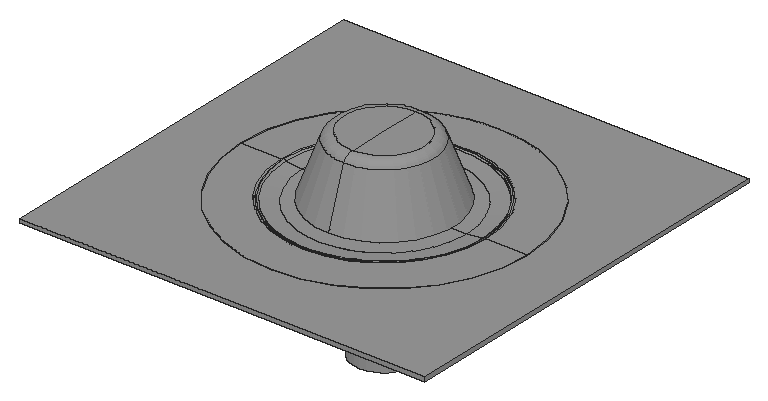
Revit family "HL_RU_Roof drain_HL62H-B-221103", category Sanitärinstallationen, Revit 2020
Family settings
  Bemaßung runder Anschluss = Durchmesser verwenden
  Teiletyp = Normal
  OmniClass-Nummer = 23.70.50.21.24.14
  OmniClass-Titel = Deck Waste Water Drains
  Arbeitsebenenbasiert = Nein
  Immer vertikal = Ja
  Beim Laden mit Abzugskörper schneiden = Nein
  Gemeinsam genutzt = Nein
  Raumberechnungspunkt = Ja
Parameters (values of type "HL_Кровельная воронка_HL62H_7")
  РЕШЁТКА = "Laubfangkorb d 145mm"
  РАЗМЕР = "DN75"
  ПРОПУСКНАЯ СПОСОБНОСТЬ [instance] = 0.0 L/s
  ПРОИЗВОДИТЕЛЬНОСТЬ = "9,9 l/s"
  ПРАВОВАЯ ИНФОРМАЦИЯ = "Авторские права(©), права на дизайн или какие либо другие права интелектуальной собственности являются исключительной собственностью компании HL Hutterer & Lechner. Изменению не подлежит. Файл семейства с данными о прозводителе изделия защищен паролем с водяным знаком."
  НОМИНАЛЬНЫЙ ДИАМЕТР = 75 mm
  МАТЕРИАЛ = "PP"
  ВЫСОТА МОНТАЖА = "100 mm"
  ВЕС = "1,85 [kg]"
  Vorgabe-Ansicht = 0 mm
  Hersteller = "HL Hutterer & Lechner GmbH"  # constant formula
  URL = "http://www.hutterer-lechner.com/ru/products/catalog/roof-drains/HL62H/7.aspx"
  Материал плитка [instance] = none
  Lüftungsverbindung = no
  Abwasserrohrverbindung = yes
  HW-Verbindung = no
  KW-Verbindung = no
  Beschreibung = "Кровельные воронки"
  Model = "HL62H_7"
  Assembly Code = " "
  Typenkommentare = "HL62H/7 Кровельная воронка DN75 с битумным полотном.,"
  Keynote = "HL62H_7"
  Bысота монтажа [instance] = 0 mm  # constant formula
  G [instance] = 180.00°  # constant formula
  EAN = "9003076831623"
  D [instance] = if(НОМИНАЛЬНЫЙ ДИАМЕТР = 160 mm, 64.6 mm, 71.7 mm) + Bысота монтажа  # 71.7 mm
  C [instance] = if(Bысота монтажа - 68 mm < 0 mm, 0 mm, Bысота монтажа - 68 mm)  # 0 mm
  B [instance] = 100 mm  # constant formula
  A [instance] = if(B - 100 mm > 15 mm, B - 100 mm, 15 mm)  # 15 mm
Types (5, lengths in mm): name | РАЗМЕР | ПРОИЗВОДИТЕЛЬНОСТЬ | НОМИНАЛЬНЫЙ ДИАМЕТР | ВЕС | URL | Model | Typenkommentare | Keynote | EAN | D
  (no name) | "DN75" | "9,9 l/s" | 75 | "1,85 [kg]" | "http://www.hutterer-lechner.com/ru/products/catalog/roof-drains/HL62H/7.aspx" | "HL62H_7" | "HL62H/7 Кровельная воронка DN75 с битумным полотном.," | "HL62H_7" | "9003076831623" | 71.7
  HL_Кровельная воронка_HL62H_1 | "DN110" | "10,7 l/s" | 110 | "1,83 [kg]" | "http://www.hutterer-lechner.com/ru/products/catalog/roof-drains/HL62H/1.aspx" | "HL62H_1" | "HL62H/1 Кровельная воронка DN110 с битумным полотном.," | "HL62H_1" | "9003076801626" | 71.7
  HL_Кровельная воронка_HL62H_2 | "DN125" | "14,0 l/s" | 125 | "1,83 [kg]" | "http://www.hutterer-lechner.com/ru/products/catalog/roof-drains/HL62H/2.aspx" | "HL62H_2" | "HL62H/2 Кровельная воронка DN125 с битумным полотном.," | "HL62H_2" | "9003076811625" | 71.7
  HL_Кровельная воронка_HL62H_5 | "DN160" | "14,1 l/s" | 160 | "1,86 [kg]" | "http://www.hutterer-lechner.com/ru/products/catalog/roof-drains/HL62H/5.aspx" | "HL62H_5" | "HL62H/5 Кровельная воронка DN160 с битумным полотном.," | "HL62H_5" | "9003076821624" | 64.6
  HL_Кровельная воронка_HL62H_7 | "DN75" | "9,9 l/s" | 75 | "1,85 [kg]" | "http://www.hutterer-lechner.com/ru/products/catalog/roof-drains/HL62H/7.aspx" | "HL62H_7" | "HL62H/7 Кровельная воронка DN75 с битумным полотном.," | "HL62H_7" | "9003076831623" | 71.7
Reference planes
  plane 1 "Center (Front/Back)": y = 0
  plane 2: z = 0
  plane 3 "Center (Left/Right)": x = 0
  plane 4: z = -100
  plane 5: z = 0
Lines and regions (mm)
  model lines, style "InvisibleLines"
    curve 1: line (0, 0, 0) -> (0, 0, 20)
  model lines, style "PlumbingFixtures", detail levels coarse+medium
    curve 2: line (0, 0, -100) -> (0, 0, -85)
    curve 3: line (0, 0, -85) -> (-85, 0, 0)
    curve 4: line (0, 0, -85) -> (85, 0, 0)
    curve 6: line (0, 0, -100) -> (0, 0, -171.7)
  reference lines, not visible
    curve 5: line (0, 0, -100) -> (0, 0, -171.7)
  symbolic lines, style "PlumbingFixtures", detail levels coarse+medium
    curve 7: line (-75, 75, 0) -> (75, 75, 0)
    curve 8: line (-75, -75, 0) -> (-75, 75, 0)
    curve 9: line (75, -75, 0) -> (-75, -75, 0)
    curve 10: line (75, 75, 0) -> (75, -75, 0)
    curve 11: line (-75, 75, 0) -> (-145.711, 145.711, 0)
    curve 12: line (75, 75, 0) -> (145.711, 145.711, 0)
    curve 13: line (-75, -75, 0) -> (-145.711, -145.711, 0)
    curve 14: line (75, -75, 0) -> (145.711, -145.711, 0)
  symbolic lines, style "PlumbingFixtures", not visible, detail levels coarse+medium
    curve 15: line (-75, 75, 0) -> (75, 75, 0)
    curve 16: line (-75, -75, 0) -> (-75, 75, 0)
    curve 17: line (75, -75, 0) -> (-75, -75, 0)
    curve 18: line (75, 75, 0) -> (75, -75, 0)
    curve 19: line (-75, 75, 0) -> (-145.711, 145.711, 0)
    curve 20: line (75, 75, 0) -> (145.711, 145.711, 0)
    curve 21: line (-75, -75, 0) -> (-145.711, -145.711, 0)
    curve 22: line (75, -75, 0) -> (145.711, -145.711, 0)
Text (mm)
  text "FLOOR" at (-162.344, 0, -10.979), in view "Drain Construction View"
Dimensions and locks
  "B": plane 2 to plane 4
  "Bысота монтажа": plane 2 to plane 5
  "A": curve 4 to plane 4
  "D": curve 5 to curve 5
  "D": curve 6 to curve 6
  locked: curve 4 to plane 3 "Center (Left/Right)" (angle 45.00°)
  locked: plane 3 "Center (Left/Right)" to curve 3 (angle 45.00°)
  "G": angle curve 5 to plane 3 "Center (Left/Right)"
  aligned and locked: level to plane 2
  aligned and locked: plane 2 to curve 4
  aligned and locked: plane 2 to curve 3
  aligned and locked: plane 4 to curve 5
  aligned and locked: plane 3 "Center (Left/Right)" to curve 5
  aligned and locked: plane 4 to curve 2
  aligned and locked: curve 6 to plane 3 "Center (Left/Right)"
  aligned and locked: curve 6 to plane 4
  aligned and locked: nested 1 to plane 5
  aligned and locked: plane 3 "Center (Left/Right)" to nested 1
  aligned and locked: plane 2 to nested 2
  aligned and locked: plane 3 "Center (Left/Right)" to nested 2
Automatic sketch dimensions
  curve 2 to plane 3 "Center (Left/Right)" = 0 mm
  curve 1 to plane 3 "Center (Left/Right)" = 0 mm
  curve 1 to level = 0 mm
  level to curve 1 = 20 mm
Nested families
  nested 1: "HL_кровельные воронки - корпус_HL62H" at (0, 0, -4.7), НОМИНАЛЬНЫЙ ДИАМЕТР <- "НОМИНАЛЬНЫЙ ДИАМЕТР", type "HL_кровельные воронки - корпус_HL62H"
    with НОМИНАЛЬНЫЙ ДИАМЕТР 75 mm, L 65 mm
  nested 2: "HL_Вспомогательные материалы-Противопожарная защита_HL062.1E" at (0, 0, 0), type "HL_Вспомогательные материалы-Противопожарная защита_HL062.1E"
Connectors
  piping at (0, 0, -171.7), diameter 75, driven by "ПРОПУСКНАЯ СПОСОБНОСТЬ", driven by "НОМИНАЛЬНЫЙ ДИАМЕТР"
    settings: on curve 5, index 1, connector inside diameter 609.6 mm, connector length 0 mm, flow factor 0, pipe flow 0.0 L/s, pressure drop 0.0 Pa, fitting loss kfactor 0, connector angle 0.00°, fixture units 0, engagement length 0 mm, angle of deflection 0.00°, flow configuration 1, flow direction 2, fitting loss method 0, system type 16, joint type 0, gender type 0, connector reference index -1, connector utility 0, adjustable connector yes, is connector primary yes, connector description ""
Definition of nested family "HL_кровельные воронки - корпус_HL62H"
  Parameters (values of type "HL_кровельные воронки - корпус_HL62H")
    НОМИНАЛЬНЫЙ ДИАМЕТР [instance] = 75 mm
    Default Elevation = 0 mm
    Manufacturer = ""
    URL = ""
    Description = ""
    Model = ""
    L [instance] = if(НОМИНАЛЬНЫЙ ДИАМЕТР = 160 mm, 57.9 mm, 65 mm)  # 65 mm
    Type Comments = ""
    Cost = 0
  Reference planes
    plane 1 "Střed (vpředu/vzadu)": y = 0
    plane 2: z = 0
    plane 3 "Střed (vlevo/vpravo)": x = 0
    plane 4: z = -102
  Forms (mm)
    Revolve 1, solid, detail levels fine
      sketch origin (0, 0, 0) x (1, 0, 0) y (0, 0, 1)
        loop
          line (-177, -3) -> (-127.89, -3) -> (-105.416, -11.18) -> (-85.028, -11.18) -> (-85.028, -29.56) -> (-81.899, -29.56) -> (-79.985, -31.474) -> (-79.985, -102) -> (0, -102) -> (0, -25.8) -> (-75.044, -25.8) -> (-75.044, -20.618) -> (-79.171, -20.618) -> (-79.171, -4.05) -> (-102.851, -4.05) -> (-126.892, 4.7) -> (-177, 4.7) -> (-177, -3)
        axis (0, 4.7) -> (0, -102)
      angle from 0 to 360
    Extrusion 2, solid, detail levels fine
      sketch origin (0, 0, 0) x (1, 0, 0) y (0, 1, 0)
        loop
          line (-250, 250) -> (-250, -250) -> (250, -250) -> (250, 250) -> (-250, 250)
        loop
          circle (0, 0) r 177
      from 0 to 4.7
    Revolve 3, solid, detail levels fine
      sketch origin (0, 0, 0) x (1, 0, 0) y (0, 0, 1)
        loop
          line (-123.627, 4.9) -> (-124.52, 4.9) -> (-123.816, 3.629) -> (-121.372, 2.756) -> (-101.806, 0.7) -> (-80.171, 0.7) -> (-80.171, -4.05) -> (-79.171, -4.05) -> (-79.171, 1.7) -> (-101.754, 1.7) -> (-122.045, 3.833) -> (-123.627, 4.9)
        axis (0, 4.9) -> (0, -4.05)
      angle from 0 to 360
    Extrusion 4, solid, detail levels fine
      sketch origin (-79.985, -1524, -102) x (-1, 0, 0) y (0, -1, 0)
        loop
          circle (-79.985, -1524) r 37.5
      from 0 to -65
  Dimensions and locks
    "L": plane 4 to Extrusion 4
    "НОМИНАЛЬНЫЙ ДИАМЕТР": diameter of Extrusion 4 sketch curve
    aligned and locked: level to plane 2
  Automatic sketch dimensions
    plane 1 "Střed (vpředu/vzadu)" to Extrusion 2 sketch curve = 0 mm
    Extrusion 2 sketch curve to plane 3 "Střed (vlevo/vpravo)" = 0 mm
    Extrusion 2 sketch curve to plane 3 "Střed (vlevo/vpravo)" = 250 mm
    plane 3 "Střed (vlevo/vpravo)" to Extrusion 2 sketch curve = 250 mm
    plane 1 "Střed (vpředu/vzadu)" to Extrusion 2 sketch curve = 250 mm
    Extrusion 2 sketch curve to plane 1 "Střed (vpředu/vzadu)" = 250 mm
    Revolve 3 sketch curve to plane 3 "Střed (vlevo/vpravo)" = 0 mm
    Revolve 3 sketch curve to level = 4.05 mm
    Revolve 3 sketch curve to plane 3 "Střed (vlevo/vpravo)" = 79.171 mm
    Revolve 3 sketch curve to Revolve 3 sketch curve = 1 mm
    level to Revolve 3 sketch curve = 1.7 mm
    Revolve 3 sketch curve to Revolve 3 sketch curve = 21.583 mm
    Revolve 3 sketch curve to Revolve 3 sketch curve = 0.052 mm
    level to Revolve 3 sketch curve = 2.756 mm
    Revolve 3 sketch curve to Revolve 3 sketch curve = 19.618 mm
    level to Revolve 3 sketch curve = 3.833 mm
    Revolve 3 sketch curve to Revolve 3 sketch curve = 0.673 mm
    Revolve 3 sketch curve to Revolve 3 sketch curve = 1.582 mm
    level to Revolve 3 sketch curve = 3.629 mm
    Revolve 3 sketch curve to Revolve 3 sketch curve = 0.189 mm
    Revolve 3 sketch curve to Revolve 3 sketch curve = 0.893 mm
    level to Revolve 3 sketch curve = 0.7 mm
    Revolve 3 sketch curve to Revolve 3 sketch curve = 1.271 mm
    Revolve 3 sketch curve to level = 63.3 mm
    level to Revolve 3 sketch curve = 41.7 mm
    Revolve 1 sketch curve to plane 4 = 0 mm
    Revolve 1 sketch curve to plane 3 "Střed (vlevo/vpravo)" = 0 mm  (x2)
    Revolve 1 sketch curve to Revolve 1 sketch curve = 4.127 mm
    Revolve 1 sketch curve to level = 31.474 mm
    Revolve 1 sketch curve to level = 29.56 mm
    Revolve 1 sketch curve to Revolve 1 sketch curve = 1.914 mm
    Revolve 1 sketch curve to Revolve 1 sketch curve = 5.857 mm
    Revolve 1 sketch curve to level = 4.05 mm
    Revolve 1 sketch curve to Revolve 1 sketch curve = 17.824 mm
    Revolve 1 sketch curve to Revolve 1 sketch curve = 2.565 mm
    level to Revolve 1 sketch curve = 4.7 mm
    Revolve 1 sketch curve to Revolve 1 sketch curve = 24.04 mm
    Revolve 1 sketch curve to level = 3 mm
    Revolve 1 sketch curve to Revolve 1 sketch curve = 0.999 mm
    Revolve 1 sketch curve to Revolve 1 sketch curve = 49.11 mm
    Revolve 1 sketch curve to Revolve 1 sketch curve = 5.182 mm
    Revolve 1 sketch curve to Revolve 1 sketch curve = 7.13 mm
    Revolve 1 sketch curve to plane 4 = 198 mm
    level to Revolve 1 sketch curve = 295.621 mm
    Revolve 1 sketch curve to Revolve 1 sketch curve = 5.674 mm
    Revolve 1 sketch curve to plane 3 "Střed (vlevo/vpravo)" = 75.044 mm
    Revolve 1 sketch curve to Revolve 1 sketch curve = 5.043 mm
    plane 1 "Střed (vpředu/vzadu)" to Extrusion 4 sketch curve = 0 mm
    Extrusion 4 sketch curve to plane 3 "Střed (vlevo/vpravo)" = 0 mm
    radius of Extrusion 2 sketch curve = 177 mm
Definition of nested family "HL_Вспомогательные материалы-Противопожарная защита_HL062.1E"
  Parameters
    ПРАВОВАЯ ИНФОРМАЦИЯ = ""
    ВЕС = "0,097 [kg]"
    Default Elevation = 0 mm
    Manufacturer = ""
    URL = ""
    Материал плитка = none
    Description = ""
    Model = ""
    Type Comments = "HL062.1E, domed plastic grate"
    Keynote = ""
    Пропускная способность [instance] = 0.0 L/s
    EAN = "9003076006212"
    Cost = 0
  Types (2, lengths in mm): name | ПРАВОВАЯ ИНФОРМАЦИЯ | Manufacturer | URL | Description | Model | Type Comments | Keynote
    (no name) | "" | "" | "" | "" | "" | "HL062.1E, domed plastic grate" | ""
    HL_Вспомогательные материалы-Противопожарная защита_HL062.1E | "Авторские права(©), права на дизайн или какие либо другие права интелектуальной собственности являются исключительной собственностью компании HL Hutterer & Lechner. Изменению не подлежит. Файл семейства с данными о прозводителе изделия защищен паролем с водяным знаком." | "HL Hutterer & Lechner GmbH" | "http://www.hutterer-lechner.com/ru/products/catalog/roof-drains/HL062.1E.aspx" | "Кровельные воронки" | "HL062.1E" | "HL062.1E, Листвоуловитель" | "HL062.1E"
  Reference planes
    plane 1 "Střed (vpředu/vzadu)": y = 0
    plane 2: z = 0
    plane 3 "Střed (vlevo/vpravo)": x = 0
  Forms (mm)
    Revolve 1, solid, detail levels fine
      sketch origin (0, 0, 0) x (0, 1, 0) y (0, 0, 1)
        loop
          line (0, 75) -> (0, 60.2) -> (47.074, 60.2) -> (68.985, 0) -> (86.249, 0) -> (61.992, 66.646)
          arc (61.992, 66.646) -> (56.733, 72.731) -> (49.016, 75) r 14.255
          line (49.016, 75) -> (0, 75)
        axis (0, 75) -> (0, 0)
      angle from 0 to 360
    Extrusion 2, solid, detail levels fine
      sketch origin (0, 0, 0) x (0, 1, 0) y (1, 0, 0)
        loop
          circle (0, 0) r 78.587
        loop
          circle (0, 0) r 70.981
      from 0 to 16.7
    Extrusion 3, solid, detail levels fine
      sketch origin (0, 0, -16.7) x (-1, 0, 0) y (0, 1, 0)
        loop
          circle (0, 0) r 70
        loop
          circle (0, 0) r 74.546
      from 0 to 12.3
  Dimensions and locks
    aligned and locked: level to plane 2
